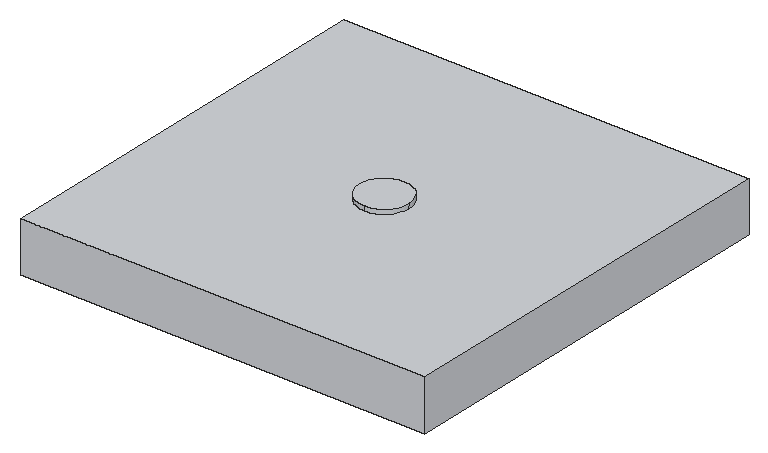
Revit family "M_Conector do duto redondo - Ar de retorno - Equipamento mecânico", category Equipamento mecânico, Revit 2019
Family settings
  Hospedeiro = Face
  Cota do conector redondo = Usar raio
  Tipo de parte = Normal
  Número OmniClass = 23.75.70.21.27
  Título OmniClass = Air Outlets and Inlets
  ID de item do Seek = Round Duct Connector - Return Air - Mechanical Equipment-0000-CAN-ENU
  Corte com vazios quando carregada = Não
  Compartilhado = Não
  Ponto de cálculo do ambiente = Não
Parameters (values of type "Padrão")
  Espessura [instance] = 25 mm
  Raio [instance] = 150 mm
  Fluxo [instance] = 47.19 L/s
  Diâmetro [instance] = Raio * 2  # 300 mm
  Default Elevation = 0 mm
  Assembly Code = ""
Reference planes
  plane 1 "Centro (Frente/Trás)": y = 0
  plane 2: z = 0
  plane 3 "Centro (Esquerda/Direita)": x = 0
Forms (mm)
  Extrusion 1, solid
    sketch origin (0, 0, 0) x (1, 0, 0) y (0, 1, 0)
      loop
        line (-1219.2, 1219.2) -> (-1219.2, -1219.2) -> (1219.2, -1219.2) -> (1219.2, 1219.2) -> (-1219.2, 1219.2)
    from 0 to -304.8
  Sweep 2, solid
    path in 3D
      loop
        line (0, 0, 0) -> (0, 0, 25)
    profile "M_Duto - Redondo : Duto - Redondo" origin (0, 0, 12.5) x (0, -1, 0) y (1, 0, 0)
      loop
        arc (-150, 0) -> (-106.066, -106.066) -> (0, -150) r 150
        arc (0, -150) -> (106.066, -106.066) -> (150, 0) r 150
        arc (150, 0) -> (106.066, 106.066) -> (0, 150) r 150
        arc (0, 150) -> (-106.066, 106.066) -> (-150, 0) r 150
Lines and regions (mm)
  reference lines
    curve 1: line (0, 0, 0) -> (0, 0, 25)
  sketch lines
    curve 2: line (0, 0, 0) -> (0, 0, 25)
Dimensions and locks
  "Espessura": curve 1 to curve 1
  aligned and locked: plane 2 to Extrusion 1
  aligned and locked: level to Extrusion 1
  aligned and locked: Extrusion 1 to curve 1
  aligned and locked: curve 1 to plane 1 "Centro (Frente/Trás)"
Automatic sketch dimensions
  Extrusion 1 sketch curve to Extrusion 1 sketch curve = 2438.4 mm  (x2)
Connectors
  hvac at (0, 0, 25), driven by "Raio", driven by "Fluxo"
    settings: on Sweep 2, index 1, duct flow 47.19 L/s, flow factor 0, pres drop 0.0 Pa, loss coef 0, conn angle 0.00°, conn width 304.8 mm, conn height 304.8 mm, conn diameter 300 mm, duct sys type 2, conn prof type 0, flow config 1, flow direction 2, loss method 0, conn ref index -1, conn util no, is conn primary yes, conn desc ""
